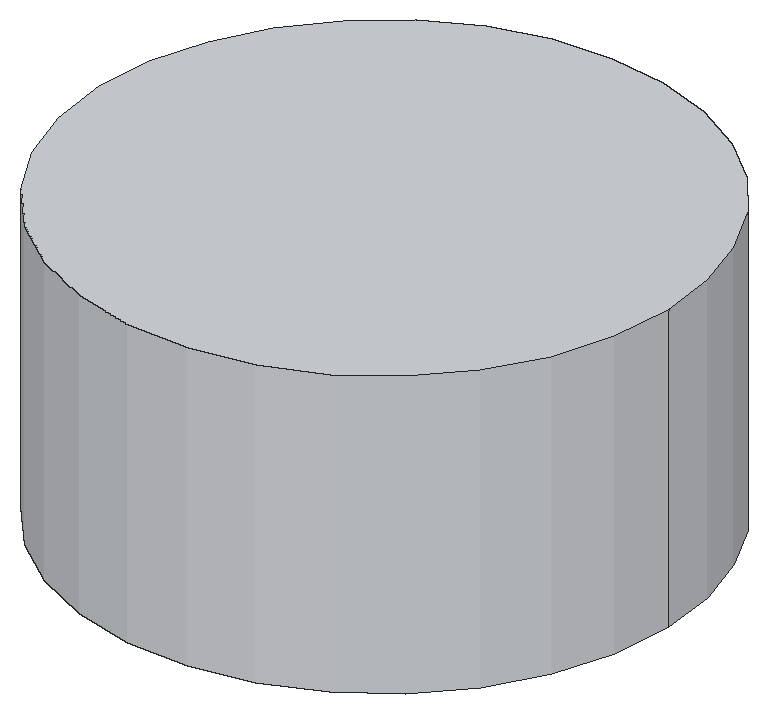
Revit family "10981000", category Specialty Equipment, Revit 2021
Family settings
  Round Connector Dimension = Use Diameter
  Part Type = Normal
  OmniClass Number = 23.40.40.14
  OmniClass Title = Food Service Equipment
  Work Plane-Based = No
  Always vertical = Yes
  Cut with Voids When Loaded = No
  Shared = No
  Room Calculation Point = No
Parameters (values of type "Standard")
  URL = "https://www.rustfriebergh.no/produkter/serveringsdisker/displaymonter-rbdm/"
  Model = "10981000"
  Manufacturer = "RUSTFRIE BERGH AS"
  Description = "Displaymonter RBDM-1000"
  Default Elevation = 0 mm
Reference planes
  plane 1 "Center (Front/Back)": y = 0
  plane 2: z = 0
  plane 3 "Center (Left/Right)": x = 0
Forms (mm)
  Extrusion 1, solid
    sketch origin (290, 253.5, 51.5) x (1, 0, 0) y (0, 1, 0)
      loop
        circle (0, 0) r 3.048
    from 0 to -3.048
Dimensions and locks
  aligned and locked: level to plane 2
Connectors
  electrical at (290, 253.5, 51.5)
    settings: on Extrusion 1, index 1, voltage 230 V, apparent load 750 VA, apparent load phase1 0 VA, apparent load phase2 0 VA, apparent load phase3 0 VA, power factor 0, load classification "Other", number of poles 1, system type 30, power factor state 1, is connector primary yes, connector utility no, sub classification motor no, connector description "230V 50/60HZ 3,26A"
